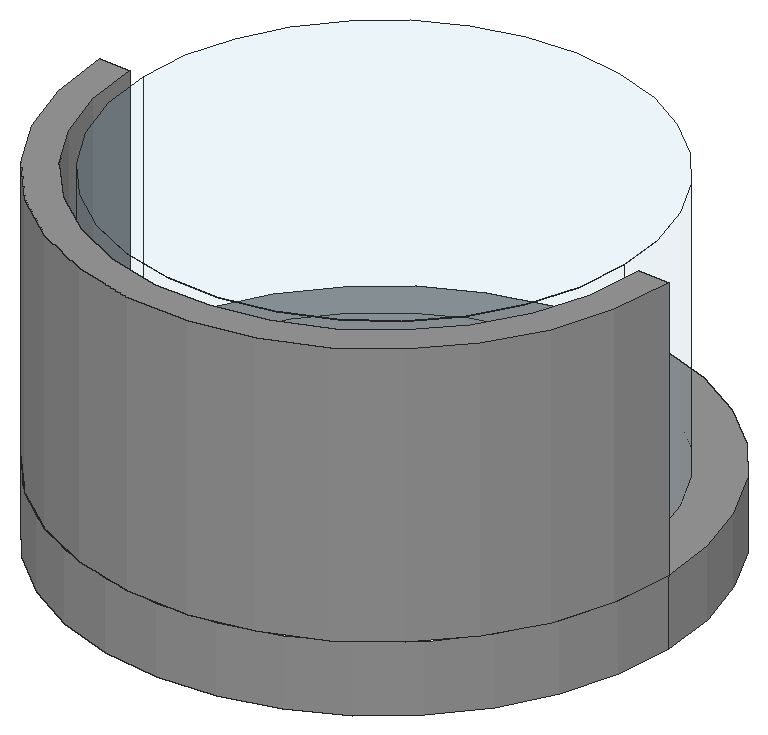
Revit family "WS250", category Lighting Fixtures, host Face, Revit 2024
Family settings
  Host = Face
  Round Connector Dimension = Use Diameter
  Part Type = Normal
  Cut with Voids When Loaded = No
  Light Source = Yes
  Maintain Annotation Orientation = No
  Shared = No
  Room Calculation Point = No
Parameters
  Wattage = 9.2903 W
  built-in parameter 1150110 = 1 (stored number, unit not read)
  URL = "https://cdn.shopify.com/s/files/1/0618/1250/6818/files/Lumux_WS200-WS250_fdc7c393-07f5-4f5d-a756-560a744f9120.pdf?v=1715990846"
  built-in parameter 1114217 = 1 (stored number, unit not read)
  Tilt Angle = 90.00°
  built-in parameter 1150109 = 1 (stored number, unit not read)
  built-in parameter 1150134 = 3
  built-in parameter 1150113 = 1 (stored number, unit not read)
  built-in parameter 1010507 = 1.5708 (stored number, unit not read)
  built-in parameter 1010506 = 1.5708 (stored number, unit not read)
  Model = "WS250"
  Manufacturer = "sales@lumux.com"
  built-in parameter 1150105 = 4614.1 (stored number, unit not read)
  Lumens = 1380 lm
  built-in parameter 1150115 = 1 (stored number, unit not read)
  Light Source Symbol Length = 1000 mm
  built-in parameter 1150137 = (empty or 0)
  built-in parameter 1150139 = (empty or 0)
  built-in parameter 1150112 = 1 (stored number, unit not read)
  built-in parameter 1150114 = 1 (stored number, unit not read)
  built-in parameter 1150132 = (empty or 0)
  built-in parameter 1150102 = (empty or 0)
  built-in parameter 1150107 = 3200 (stored number, unit not read)
  built-in parameter 1150138 = (empty or 0)
  built-in parameter 1150106 = 46.141 (stored number, unit not read)
  Emit from Line Length = 609.6 mm
  built-in parameter 1150104 = 13.8 (stored number, unit not read)
  Dimming Lamp Color Temperature Shift = (empty or 0)
  Description = "WALL SCONCE"
  Default Elevation = 1219.2 mm
  Color Filter = 16777215
  built-in parameter 1114218 = 1 (stored number, unit not read)
  built-in parameter 1150133 = 10 (stored number, unit not read)
Reference planes
  plane 1 "Center (Front/Back)": y = 0
  plane 2: z = 0
  plane 3 "Center (Left/Right)": x = 0
Forms (mm)
  Extrusion 1, solid, material "Louvre"
    sketch origin (0, 0, 0) x (1, 0, 0) y (0, 1, 0)
      loop
        circle (0, 0) r 82.55
    from 0 to 19.1
  Extrusion 2, solid, material "Glass"
    sketch origin (0, 0, 0) x (1, 0, 0) y (0, 1, 0)
      loop
        circle (0, 0) r 69.85
    from 19.1 to 95.3
  Extrusion 3, solid, material "Louvre"
    sketch origin (0, 0, 0) x (1, 0, 0) y (0, 1, 0)
      loop
        arc (-82.55, 0) -> (0, -82.55) -> (82.55, 0) r 82.55
        line (82.55, 0) -> (73.85, 0)
        arc (73.85, 0) -> (0, -73.85) -> (-73.85, 0) r 73.85
        line (-73.85, 0) -> (-82.55, 0)
    from 19.1 to 95.3
Dimensions and locks
  diameter of Extrusion 1 sketch curve = 165.1 mm
  aligned and locked: plane 2 to host face
  aligned and locked: level to host face
